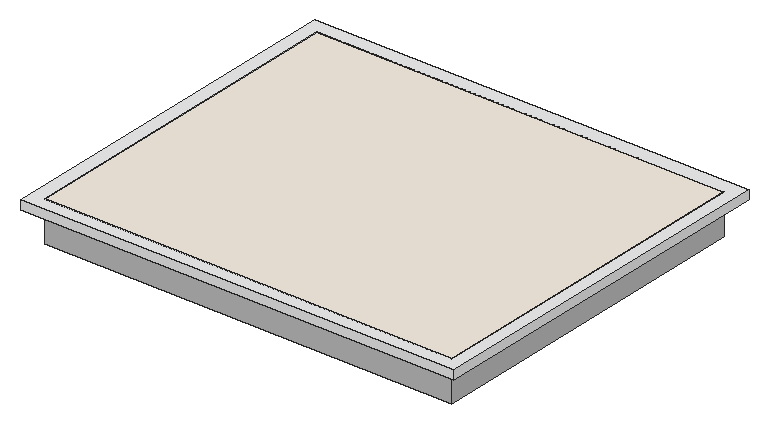
Revit family "Lighting-Industriale-GEWISS-ELIA-HL-LED_RIFLETTORE", category Apparecchi per illuminazione, host Superficie, Revit 2019 (continued)
Types (12, lengths in mm): name | Tensione | Scheda Tecnica | Potenza di sistema | Peso (kg): | Peso (kg) | Ottica | built-in parameter 1150142 | Lumen output (lm) | Modello | IDT | File diagramma fotometrico | Description
    1765.45 1685.04 1609.22 1536.12 \r\n1464.72 1395.02 1325.66 1258.26 1193.91 1131.61 1070.15 \r\n1010.14 951.07 893.69 838.36 785.32 735.16 687.99 644.13 \r\n602.99 564.57 528.11 492.75 458.92 427.13 396.44 366.44 \r\n337.37 309.57 282.96 257.55 233.16 209.44 187.25 167.39 \r\n149.08 131.87 115.70 100.32 85.94 72.77 60.64 49.37 39.21 \r\n30.33 22.73 16.48 11.61 8.33 6.31 5.26 5.27 \r\n4943.60 4943.60 4943.60 4945.30 4946.15 4947.00 4948.70 \r\n4950.40 4952.10 4954.65 4956.35 4958.90 4962.30 4964.85 \r\n4968.25 4971.65 4975.90 4979.30 4984.40 4988.65 4993.75 \r\n4998.00 5003.10 5007.35 5012.45 5016.70 5020.95 5026.05 \r\n5031.15 5035.40 5040.50 5045.60 5050.70 5055.80 5061.75 \r\n5067.70 5073.65 5080.45 5086.40 5093.20 5099.15 5105.95 \r\n5111.90 5118.70 5125.50 5131.45 5138.25 5145.05 5151.00 \r\n5158.65 5165.45 5172.25 5179.05 5185.85 5191.80 5198.60 \r\n5205.40 5211.35 5218.15 5223.25 5228.35 5231.75 5236.00 \r\n5238.55 5241.95 5243.65 5245.35 5245.35 5245.35 5243.65 \r\n5241.95 5240.25 5236.85 5232.60 5226.65 5219.85 5212.20 \r\n5203.70 5192.65 5182.45 5169.70 5156.95 5142.50 5127.20 \r\n5110.20 5092.35 5072.80 5051.55 5028.60 5006.50 4981.85 \r\n4952.95 4921.50 4886.65 4849.25 4808.45 4763.40 4711.55 \r\n4653.75 4590.00 4521.15 4449.75 4374.10 4299.30 4221.95 \r\n4139.50 4049.40 3950.80 3846.25 3734.90 3621.00 3507.10 \r\n3394.05 3284.40 3174.75 3068.50 2964.80 2867.05 2770.15 \r\n2669.85 2571.25 2475.20 2381.70 2287.35 2194.70 2107.15 \r\n2021.30 1934.60 1848.75 1766.30 1686.14 1610.15 1536.80 \r\n1464.89 1394.68 1325.66 1258.60 1194.42 1131.94 1070.66 \r\n1010.57 951.58 894.12 838.78 785.74 735.42 688.16 644.22 \r\n603.08 564.57 528.11 492.83 459.00 427.04 396.44 366.44 \r\n337.45 309.83 283.31 257.72 233.32 209.70 187.59 167.59 \r\n149.20 131.95 115.75 100.40 86.05 72.86 60.70 49.44 39.29 \r\n30.35 22.73 16.50 11.68 8.41 6.38 5.31 5.28 \r\n4943.60 4943.60 4943.60 4945.30 4946.15 4947.00 4947.85 \r\n4950.40 4952.10 4953.80 4956.35 4958.90 4962.30 4964.85 \r\n4968.25 4971.65 4975.90 4979.30 4984.40 4988.65 4993.75 \r\n4998.00 5003.10 5007.35 5012.45 5017.55 5020.95 5026.05 \r\n5031.15 5036.25 5040.50 5046.45 5051.55 5057.50 5062.60 \r\n5068.55 5074.50 5081.30 5088.10 5094.05 5100.00 5105.95 \r\n5112.75 5118.70 5125.50 5132.30 5139.95 5145.90 5152.70 \r\n5158.65 5166.30 5173.10 5179.90 5186.70 5193.50 5200.30 \r\n5206.25 5213.05 5218.15 5223.25 5228.35 5233.45 5236.85 \r\n5240.25 5242.80 5245.35 5246.20 5247.05 5246.20 5245.35 \r\n5243.65 5241.10 5238.55 5233.45 5228.35 5221.55 5213.90 \r\n5204.55 5194.35 5182.45 5171.40 5157.80 5144.20 5128.05 \r\n5111.05 5092.35 5073.65 5052.40 5030.30 5006.50 4981.00 \r\n4952.95 4922.35 4887.50 4850.10 4808.45 4763.40 4712.40 \r\n4654.60 4590.00 4522.00 4449.75 4374.10 4300.15 4221.10 \r\n4137.80 4049.40 3950.80 3846.25 3734.90 3621.85 3507.95 \r\n3395.75 3284.40 3175.60 3069.35 2965.65 2867.90 2770.15 \r\n2670.70 2571.25 2476.05 2382.55 2288.20 2196.40 2108.00 \r\n2021.30 1935.45 1850.45 1768.00 1687.42 1611.26 1537.56 \r\n1465.23 1394.60 1325.74 1259.02 1194.93 1132.54 1071.26 \r\n1011.25 952.17 894.71 839.29 786.25 736.01 688.59 644.64 \r\n603.41 564.83 528.27 492.92 459.17 427.13 396.44 366.52 \r\n337.70 310.17 283.73 258.14 233.50 209.95 187.85 167.91 \r\n149.40 132.08 115.86 100.54 86.22 73.00 60.79 49.53 39.36 \r\n30.40 22.73 16.53 11.75 8.49 6.45 5.35 5.28 \r\n4943.60 4943.60 4943.60 4944.45 4946.15 4947.00 4948.70 \r\n4950.40 4952.10 4953.80 4956.35 4958.90 4962.30 4964.85 \r\n4968.25 4971.65 4975.05 4979.30 4984.40 4988.65 4993.75 \r\n4998.00 5003.10 5008.20 5012.45 5017.55 5021.80 5026.05 \r\n5031.15 5036.25 5042.20 5046.45 5051.55 5057.50 5063.45 \r\n5069.40 5076.20 5081.30 5088.10 5094.05 5100.85 5107.65 \r\n5113.60 5119.55 5127.20 5133.15 5139.95 5146.75 5152.70 \r\n5160.35 5166.30 5173.95 5180.75 5187.55 5193.50 5200.30 \r\n5207.10 5213.05 5219.85 5224.95 5230.05 5234.30 5238.55 \r\n5241.95 5244.50 5246.20 5247.90 5247.90 5247.05 5246.20 \r\n5244.50 5241.95 5238.55 5234.30 5229.20 5223.25 5214.75 \r\n5205.40 5195.20 5184.15 5172.25 5159.50 5144.20 5128.90 \r\n5111.90 5093.20 5073.65 5053.25 5030.30 5007.35 4981.85 \r\n4953.80 4922.35 4887.50 4850.10 4809.30 4763.40 4712.40 \r\n4654.60 4590.85 4522.00 4449.75 4374.95 4300.15 4221.10 \r\n4137.80 4048.55 3950.80 3846.25 3736.60 3622.70 3508.80 \r\n3396.60 3285.25 3176.45 3070.20 2966.50 2867.90 2771.00 \r\n2671.55 2572.10 2476.05 2382.55 2289.05 2197.25 2109.70 \r\n2023.00 1936.30 1852.15 1768.85 1688.78 1612.45 1538.41 \r\n1465.48 1394.51 1326.00 1259.62 1195.61 1133.31 1072.02 \r\n1012.01 952.93 895.47 839.97 786.93 736.70 689.18 645.15 \r\n603.84 565.16 528.45 493.17 459.42 427.38 396.52 366.69 \r\n337.96 310.50 284.15 258.49 233.84 210.29 188.36 168.24 \r\n149.65 132.27 116.03 100.72 86.43 73.17 60.92 49.65 39.47 \r\n30.45 22.75 16.57 11.83 8.57 6.52 5.40 5.29 \r\n4943.60 4943.60 4943.60 4944.45 4946.15 4947.85 4948.70 \r\n4950.40 4952.10 4953.80 4956.35 4958.90 4962.30 4964.85 \r\n4968.25 4971.65 4975.05 4979.30 4984.40 4988.65 4993.75 \r\n4998.00 5003.10 5008.20 5012.45 5017.55 5022.65 5026.90 \r\n5032.00 5037.10 5042.20 5048.15 5052.40 5058.35 5064.30 \r\n5070.25 5076.20 5082.15 5088.95 5095.75 5101.70 5107.65 \r\n5114.45 5120.40 5127.20 5134.00 5140.80 5147.60 5154.40 \r\n5160.35 5168.00 5174.80 5181.60 5188.40 5195.20 5202.00 \r\n5207.95 5214.75 5219.85 5226.65 5230.90 5236.00 5239.40 \r\n5242.80 5245.35 5247.05 5247.90 5248.75 5247.90 5247.05 \r\n5245.35 5242.80 5239.40 5236.00 5230.05 5223.25 5216.45 \r\n5207.10 5196.90 5185.00 5173.95 5160.35 5145.90 5129.75 \r\n5112.75 5094.90 5075.35 5053.25 5030.30 5007.35 4981.85 \r\n4953.80 4922.35 4888.35 4850.95 4809.30 4763.40 4712.40 \r\n4654.60 4590.00 4521.15 4449.75 4374.95 4299.30 4220.25 \r\n4136.95 4047.70 3949.95 3846.25 3736.60 3623.55 3510.50 \r\n3397.45 3286.10 3177.30 3070.20 2966.50 2867.90 2771.00 \r\n2670.70 2572.10 2476.05 2382.55 2289.05 2198.95 2110.55 \r\n2023.85 1937.15 1852.15 1769.70 1690.31 1613.64 1539.27 \r\n1465.82 1394.43 1326.17 1260.30 1196.38 1134.07 1072.95 \r\n1013.03 953.87 896.33 840.82 787.70 737.46 690.03 645.83 \r\n604.43 565.59 528.70 493.42 459.77 427.55 396.69 366.86 \r\n338.21 310.85 284.58 258.91 234.26 210.80 188.87 168.61 \r\n149.96 132.51 116.22 100.94 86.67 73.36 61.07 49.78 39.58 \r\n30.51 22.76 16.61 11.90 8.65 6.59 5.44 5.29 \r\n4943.60 4943.60 4943.60 4944.45 4946.15 4947.85 4948.70 \r\n4950.40 4952.10 4953.80 4956.35 4958.90 4962.30 4964.85 \r\n4968.25 4971.65 4975.05 4980.15 4984.40 4988.65 4993.75 \r\n4998.85 5003.10 5008.20 5013.30 5017.55 5022.65 5026.90 \r\n5032.00 5037.10 5043.05 5048.15 5054.10 5059.20 5065.15 \r\n5071.10 5077.05 5083.85 5089.80 5095.75 5102.55 5108.50 \r\n5114.45 5121.25 5128.05 5134.85 5141.65 5147.60 5154.40 \r\n5162.05 5168.00 5175.65 5182.45 5188.40 5195.20 5202.00 \r\n5208.80 5215.60 5221.55 5227.50 5232.60 5236.85 5241.10 \r\n5243.65 5247.05 5248.75 5248.75 5248.75 5248.75 5247.90 \r\n5246.20 5243.65 5240.25 5236.85 5230.90 5224.95 5216.45 \r\n5207.95 5197.75 5186.70 5174.80 5161.20 5146.75 5129.75 \r\n5112.75 5094.90 5075.35 5054.10 5030.30 5007.35 4981.85 \r\n4953.80 4922.35 4888.35 4850.95 4810.15 4764.25 4711.55 \r\n4654.60 4590.00 4521.15 4449.75 4374.95 4299.30 4220.25 \r\n4136.10 4046.85 3950.80 3847.10 3737.45 3624.40 3511.35 \r\n3398.30 3287.80 3178.15 3071.05 2967.35 2868.75 2771.85 \r\n2671.55 2572.10 2476.90 2382.55 2290.75 2199.80 2112.25 \r\n2024.70 1938.00 1853.85 1771.40 1691.76 1615.09 1540.29 \r\n1466.25 1394.43 1326.51 1261.06 1197.22 1135.01 1073.89 \r\n1013.97 954.80 897.26 841.75 788.63 738.39 690.88 646.68 \r\n605.03 566.10 529.13 493.77 460.11 427.81 396.87 367.12 \r\n338.56 311.36 285.09 259.34 234.51 211.23 189.29 169.10 \r\n150.31 132.78 116.44 101.18 86.94 73.58 61.23 49.92 39.71 \r\n30.57 22.79 16.66 11.98 8.73 6.66 5.49 5.30 \r\n4943.60 4943.60 4944.45 4944.45 4946.15 4947.85 4948.70 \r\n4950.40 4952.10 4953.80 4955.50 4958.90 4962.30 4964.85 \r\n4968.25 4971.65 4975.05 4980.15 4984.40 4988.65 4993.75 \r\n4998.85 5003.10 5008.20 5013.30 5018.40 5023.50 5028.60 \r\n5032.85 5037.95 5043.05 5049.00 5054.10 5060.05 5066.00 \r\n5071.95 5078.75 5083.85 5090.65 5096.60 5103.40 5109.35 \r\n5116.15 5122.10 5128.90 5135.70 5141.65 5148.45 5156.10 \r\n5162.05 5169.70 5176.50 5182.45 5190.10 5196.90 5203.70 \r\n5209.65 5216.45 5222.40 5228.35 5233.45 5237.70 5241.95 \r\n5245.35 5247.90 5249.60 5249.60 5249.60 5249.60 5248.75 \r\n5247.05 5244.50 5241.95 5236.85 5232.60 5225.80 5218.15 \r\n5208.80 5198.60 5187.55 5175.65 5162.05 5146.75 5131.45 \r\n5113.60 5095.75 5076.20 5054.10 5031.15 5007.35 4981.85 \r\n4953.80 4922.35 4889.20 4851.80 4810.15 4764.25 4711.55 \r\n4653.75 4589.15 4521.15 4448.90 4374.10 4299.30 4219.40 \r\n4136.10 4046.00 3949.95 3847.10 3737.45 3624.40 3512.20 \r\n3400.00 3287.80 3178.15 3071.05 2967.35 2868.75 2771.00 \r\n2671.55 2572.10 2476.90 2383.40 2290.75 2200.65 2112.25 \r\n2025.55 1939.70 1855.55 1773.10 1693.29 1616.36 1541.22 \r\n1466.68 1394.68 1327.02 1261.82 1198.16 1135.86 1074.91 \r\n1015.07 955.91 898.20 842.69 789.57 739.25 691.73 647.45 \r\n605.79 566.53 529.47 494.11 460.44 428.14 397.04 367.37 \r\n338.89 311.78 285.60 259.76 234.94 211.65 189.80 169.52 \r\n150.67 133.08 116.69 101.44 87.22 73.81 61.41 50.07 39.83 \r\n30.65 22.82 16.71 12.06 8.81 6.73 5.53 5.31 \r\n4943.60 4943.60 4944.45 4944.45 4946.15 4947.00 4948.70 \r\n4950.40 4952.10 4953.80 4956.35 4958.90 4962.30 4964.00 \r\n4968.25 4971.65 4975.90 4980.15 4984.40 4989.50 4993.75 \r\n4998.85 5003.95 5008.20 5013.30 5018.40 5023.50 5028.60 \r\n5033.70 5038.80 5044.75 5049.00 5054.95 5060.90 5066.85 \r\n5071.95 5078.75 5084.70 5091.50 5098.30 5103.40 5110.20 \r\n5116.15 5122.95 5128.90 5135.70 5143.35 5149.30 5156.10 \r\n5162.90 5170.55 5176.50 5184.15 5190.95 5196.90 5203.70 \r\n5210.50 5217.30 5224.10 5229.20 5235.15 5238.55 5242.80 \r\n5246.20 5248.75 5250.45 5251.30 5251.30 5250.45 5249.60 \r\n5247.90 5246.20 5242.80 5238.55 5233.45 5226.65 5219.00 \r\n5210.50 5199.45 5188.40 5176.50 5162.90 5147.60 5132.30 \r\n5113.60 5095.75 5076.20 5054.95 5031.15 5007.35 4982.70 \r\n4953.80 4922.35 4889.20 4852.65 4810.15 4764.25 4711.55 \r\n4652.90 4588.30 4520.30 4448.05 4374.10 4298.45 4219.40 \r\n4135.25 4046.00 3949.95 3847.10 3738.30 3625.25 3513.05 \r\n3400.00 3289.50 3178.15 3071.90 2968.20 2868.75 2771.85 \r\n2672.40 2572.95 2476.90 2383.40 2290.75 2201.50 2113.95 \r\n2026.40 1940.55 1855.55 1774.80 1694.81 1617.63 1542.15 \r\n1467.36 1394.94 1327.53 1262.85 1199.10 1136.79 1075.85 \r\n1016.00 956.84 899.13 843.71 790.50 740.26 692.75 648.29 \r\n606.56 567.12 529.89 494.62 460.87 428.31 397.29 367.54 \r\n339.23 312.20 286.11 260.19 235.28 212.16 190.40 170.06 \r\n151.05 133.39 116.97 101.72 87.50 74.06 61.61 50.23 39.97 \r\n30.74 22.87 16.77 12.14 8.89 6.79 5.57 5.31 \r\n4943.60 4943.60 4944.45 4944.45 4946.15 4947.00 4948.70 \r\n4950.40 4952.10 4953.80 4956.35 4958.90 4962.30 4964.00 \r\n4968.25 4971.65 4975.90 4980.15 4984.40 4989.50 4993.75 \r\n4998.85 5003.95 5009.05 5013.30 5018.40 5023.50 5028.60 \r\n5033.70 5039.65 5044.75 5050.70 5055.80 5061.75 5066.85 \r\n5073.65 5079.60 5086.40 5091.50 5098.30 5105.10 5110.20 \r\n5117.00 5122.95 5129.75 5136.55 5143.35 5150.15 5156.95 \r\n5163.75 5170.55 5178.20 5184.15 5190.95 5198.60 5205.40 \r\n5212.20 5219.00 5224.95 5230.05 5235.15 5240.25 5244.50 \r\n5247.05 5250.45 5251.30 5252.15 5252.15 5252.15 5250.45 \r\n5248.75 5247.05 5243.65 5239.40 5234.30 5227.50 5219.85 \r\n5210.50 5200.30 5189.25 5176.50 5163.75 5148.45 5131.45 \r\n5114.45 5096.60 5076.20 5054.95 5032.00 5007.35 4981.85 \r\n4953.80 4922.35 4889.20 4852.65 4811.00 4763.40 4710.70 \r\n4652.05 4587.45 4519.45 4447.20 4374.10 4297.60 4218.55 \r\n4134.40 4045.15 3949.10 3847.10 3738.30 3626.10 3513.90 \r\n3400.85 3289.50 3179.85 3071.90 2968.20 2869.60 2771.00 \r\n2671.55 2572.95 2476.90 2383.40 2292.45 2202.35 2113.95 \r\n2027.25 1941.40 1857.25 1774.80 1696.09 1618.82 1543.09 \r\n1467.95 1395.36 1328.21 1263.78 1200.03 1137.72 1076.87 \r\n1017.11 957.87 900.15 844.56 791.43 741.20 693.68 649.14 \r\n607.33 567.72 530.32 494.95 461.21 428.65 397.55 367.96 \r\n339.58 312.63 286.62 260.61 235.79 212.59 190.91 170.52 \r\n151.44 133.72 117.25 102.00 87.79 74.31 61.80 50.40 40.09 \r\n30.82 22.92 16.83 12.22 8.96 6.85 5.60 5.32 \r\n4943.60 4943.60 4944.45 4944.45 4946.15 4947.00 4948.70 \r\n4950.40 4952.10 4953.80 4956.35 4958.90 4962.30 4964.00 \r\n4968.25 4972.50 4975.90 4980.15 4984.40 4989.50 4993.75 \r\n4998.85 5003.95 5009.05 5014.15 5019.25 5024.35 5029.45 \r\n5034.55 5039.65 5044.75 5050.70 5056.65 5062.60 5068.55 \r\n5073.65 5079.60 5086.40 5092.35 5099.15 5105.10 5111.90 \r\n5117.85 5123.80 5130.60 5137.40 5144.20 5151.00 5157.80 \r\n5164.60 5172.25 5178.20 5185.85 5192.65 5199.45 5206.25 \r\n5213.05 5219.85 5225.80 5231.75 5236.00 5241.10 5245.35 \r\n5248.75 5250.45 5252.15 5253.00 5253.00 5252.15 5251.30 \r\n5249.60 5247.05 5243.65 5240.25 5235.15 5229.20 5220.70 \r\n5211.35 5201.15 5190.10 5177.35 5164.60 5148.45 5132.30 \r\n5115.30 5096.60 5076.20 5054.95 5032.00 5008.20 4982.70 \r\n4953.80 4923.20 4890.05 4853.50 4811.00 4763.40 4710.70 \r\n4651.20 4586.60 4518.60 4446.35 4373.25 4296.75 4218.55 \r\n4133.55 4044.30 3948.25 3846.25 3738.30 3626.10 3513.90 \r\n3401.70 3289.50 3179.85 3072.75 2969.05 2869.60 2771.85 \r\n2671.55 2573.80 2476.90 2383.40 2292.45 2203.20 2114.80 \r\n2028.10 1942.25 1858.10 1776.50 1697.62 1620.02 1544.11 \r\n1468.63 1395.95 1328.97 1264.80 1201.13 1138.74 1077.80 \r\n1018.04 958.72 900.91 845.50 792.37 742.13 694.71 650.08 \r\n608.00 568.22 530.65 495.30 461.55 428.91 397.71 368.13 \r\n339.92 313.06 286.96 261.04 236.13 213.09 191.42 170.99 \r\n151.82 134.05 117.54 102.29 88.06 74.55 61.99 50.55 40.22 \r\n30.91 22.98 16.90 12.29 9.03 6.91 5.64 5.32 \r\n4943.60 4943.60 4944.45 4944.45 4946.15 4947.00 4948.70 \r\n4950.40 4952.10 4953.80 4956.35 4958.90 4962.30 4964.00 \r\n4968.25 4972.50 4976.75 4980.15 4985.25 4989.50 4994.60 \r\n4999.70 5003.95 5009.05 5014.15 5019.25 5024.35 5029.45 \r\n5034.55 5039.65 5045.60 5050.70 5056.65 5062.60 5068.55 \r\n5074.50 5081.30 5086.40 5092.35 5099.15 5105.95 5111.90 \r\n5118.70 5124.65 5131.45 5137.40 5145.05 5151.85 5158.65 \r\n5166.30 5172.25 5179.90 5186.70 5193.50 5201.15 5207.95 \r\n5214.75 5221.55 5227.50 5232.60 5237.70 5241.95 5246.20 \r\n5249.60 5251.30 5253.00 5254.70 5254.70 5253.00 5252.15 \r\n5250.45 5247.90 5244.50 5241.10 5235.15 5230.05 5221.55 \r\n5212.20 5202.00 5190.10 5178.20 5164.60 5149.30 5133.15 \r\n5115.30 5096.60 5077.05 5055.80 5032.85 5009.05 4983.55 \r\n4954.65 4924.05 4890.90 4854.35 4811.85 4763.40 4709.85 \r\n4650.35 4585.75 4516.05 4446.35 4372.40 4297.60 4218.55 \r\n4133.55 4043.45 3948.25 3846.25 3737.45 3626.10 3513.90 \r\n3400.85 3289.50 3179.85 3073.60 2969.90 2869.60 2771.00 \r\n2672.40 2573.80 2476.90 2382.55 2292.45 2203.20 2115.65 \r\n2028.10 1942.25 1858.10 1777.35 1698.13 1620.53 1544.88 \r\n1469.90 1397.82 1331.02 1266.59 1202.32 1139.51 1078.48 \r\n1018.64 959.31 901.34 845.92 792.88 742.64 695.22 650.59 \r\n608.60 568.65 531.00 495.55 461.72 429.25 398.06 368.39 \r\n340.17 313.14 287.05 261.12 236.30 213.26 191.68 171.22 \r\n152.08 134.35 117.86 102.54 88.24 74.71 62.17 50.69 40.32 \r\n31.02 23.09 16.99 12.37 9.10 6.97 5.68 5.33 \r\n4943.60 4943.60 4944.45 4944.45 4946.15 4947.00 4948.70 \r\n4950.40 4952.10 4953.80 4956.35 4958.90 4962.30 4964.85 \r\n4968.25 4972.50 4976.75 4980.15 4985.25 4989.50 4994.60 \r\n4999.70 5004.80 5010.75 5015.00 5020.10 5025.20 5030.30 \r\n5035.40 5041.35 5046.45 5052.40 5057.50 5062.60 5068.55 \r\n5075.35 5081.30 5087.25 5093.20 5099.15 5105.95 5112.75 \r\n5118.70 5125.50 5131.45 5138.25 5145.90 5152.70 5158.65 \r\n5166.30 5173.95 5180.75 5188.40 5195.20 5202.00 5208.80 \r\n5215.60 5222.40 5229.20 5234.30 5238.55 5243.65 5247.90 \r\n5251.30 5253.00 5254.70 5254.70 5254.70 5254.70 5253.85 \r\n5252.15 5249.60 5246.20 5241.95 5236.85 5230.05 5222.40 \r\n5213.05 5202.85 5190.95 5179.05 5165.45 5150.15 5133.15 \r\n5116.15 5097.45 5077.90 5056.65 5033.70 5009.90 4984.40 \r\n4956.35 4924.90 4892.60 4855.20 4811.85 4763.40 4709.00 \r\n4649.50 4584.90 4515.20 4444.65 4372.40 4296.75 4217.70 \r\n4133.55 4043.45 3947.40 3846.25 3737.45 3625.25 3512.20 \r\n3400.00 3289.50 3179.85 3073.60 2969.05 2869.60 2771.85 \r\n2671.55 2573.80 2477.75 2383.40 2291.60 2203.20 2114.80 \r\n2028.10 1943.10 1859.80 1777.35 1698.56 1621.04 1545.56 \r\n1471.27 1399.78 1332.97 1268.37 1203.60 1140.36 1079.08 \r\n1019.15 959.57 901.68 846.26 793.39 743.16 695.64 651.10 
